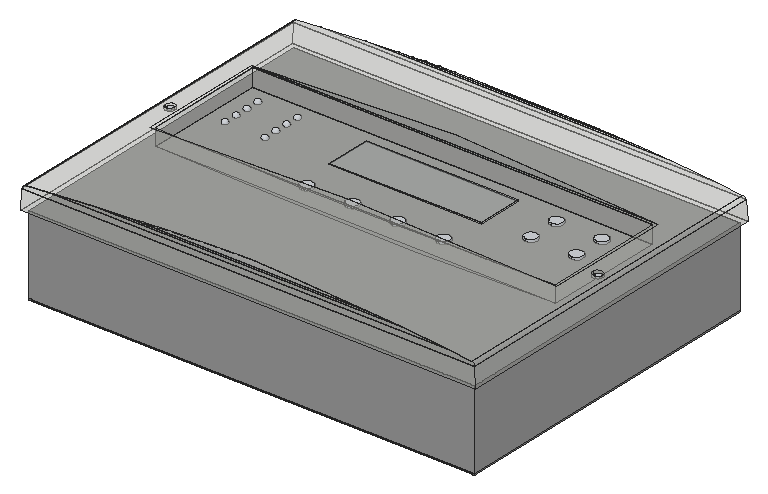
Revit family "MaviGard Gas Alarm Panel 4 channel", category Fire Alarm Devices, host Face, Revit 2022
Family settings
  Host = Face
  Round Connector Dimension = Use Diameter
  Part Type = Normal
  OmniClass Number = 23.85.30.21
  OmniClass Title = Environmental Detection/Registration
  Cut with Voids When Loaded = No
  Maintain Annotation Orientation = Yes
  Shared = No
  Room Calculation Point = No
Parameters (values of type "MaviGard Gas Alarm Panel 4 channel")
  Weight = "5,3 kg"
  Weatherproof surface mounting back box = ""
  Warranty Duration Unit = "Year"
  Warranty Duration Parts = "2"
  Warranty Duration Labor = "2"
  Version = ""
  URL = "https://www.mavili.com.tr/en"
  Recessed mounting base = ""
  Public Works Pose Number = ""
  Protection Sign = ""
  Product Code = "MG-400"
  Phone Number = "(+)90 216 466 45 05"
  Operatonal Voltage (default) = ""
  Operating voltage range = ""
  Operating temperature = "(-5°C) - (+50°C)"
  Nominal Depth = "100 mm"
  Nominal Width = "400 mm"
  Nominal Height = "300 mm"
  Mounting surface = "Wall mount"
  Mounting height = ""
  Model = "MaviGard"
  Manufacturer = "Mavili Elektronik Ticaret A.Ş."
  Installation Manual = "https://mavilielektronik.com/Revit/MG400_enkk.pdf"
  Indicator output = ""
  Fax Number = "(+)90 216 466 45 10"
  External supply = "220 V AC"
  Email = "mavili@mavili.com.tr"
  Disclaimer = ""
  Device Adress Setup = ""
  Description = "Gas alarm panel, 4 channel"
  Default Elevation = 0 mm
  Current consumption = ""
  Cost unıt = ""
  Cost = 0
  Compatible sockets = ""
  Color = "White"
  Code Performance = ""
  Main Material = "Metal Grey"
  Secondary Material = "White Plastic ABS"
  Battery = "2 X (12V DC 7 Ah )"
  Assembly Code = ""
  Address line 1 = "Şerifali Mahallesi Kutup Sokak No:27/1-2-4 Ümraniye TR-34775 İSTANBUL"
Reference planes
  plane 1 "Center (Front/Back)": y = 0
  plane 2: z = 0
  plane 3 "Center (Left/Right)": x = 0
Forms (mm)
  Extrusion 1, solid, material "mavili arka kasa"
    sketch origin (-210, -150, 148.173) x (1, 0, 0) y (0, 0, -1)
      loop
        line (42.905, 77.3) -> (434.905, 77.3) -> (434.905, 146.904)
        arc (434.905, 146.904) -> (434.545, 147.715) -> (433.785, 148.173) r 1.476
        line (433.785, 148.173) -> (44.505, 148.173)
        arc (44.505, 148.173) -> (43.374, 147.704) -> (42.905, 146.573) r 1.6
        line (42.905, 146.573) -> (42.905, 77.3)
    from 0 to 300
  Extrusion 2, solid, material "Mavili beyaz"
    sketch origin (-210, -150, 148.173) x (1, 0, 0) y (0, 0, -1)
      loop
        line (38.905, 77.3) -> (39.824, 59.769)
        arc (39.824, 59.769) -> (40.651, 57.854) -> (42.526, 56.941) r 3
        arc (42.526, 56.941) -> (238.905, 47.3) -> (435.284, 56.941) r 2005
        arc (435.284, 56.941) -> (437.16, 57.854) -> (437.987, 59.769) r 3
        line (437.987, 59.769) -> (438.905, 77.3) -> (38.905, 77.3)
    from 0 to 300
  Extrusion 3, void
    sketch origin (-167.095, -150, 70.872) x (0, 0, 1) y (0, -1, 0)
      loop
        arc (-69.27, -296) -> (-70.403, -295.532) -> (-70.872, -294.4) r 1.6
        line (-70.872, -294.4) -> (-70.872, -300) -> (0, -300) -> (0, -296) -> (-69.27, -296)
    from 0 to 392
  Extrusion 4, void
    sketch origin (-167.095, 150, 70.872) x (0, 0, 1) y (0, -1, 0)
      loop
        line (-69.27, 296) -> (0, 296) -> (0, 300) -> (-70.872, 300) -> (-70.872, 294.4)
        arc (-70.872, 294.4) -> (-70.403, 295.532) -> (-69.27, 296) r 1.6
    from 0 to 392
  Extrusion 5, void
    sketch origin (-210, -150, 148.173) x (0, 0, -1) y (0, 1, 0)
      loop
        line (55.289, 116.326) -> (55.289, 228.158) -> (47.3, 228.297) -> (47.3, 111.721) -> (55.289, 116.326)
    from 0 to 497.127
  Extrusion 6, void
    sketch origin (-210, -150, 148.173) x (0, 0, -1) y (0, 1, 0)
      loop
        arc (47.3, 295.581) -> (48.124, 297.646) -> (50.143, 298.577) r 3
        line (50.143, 298.577) -> (51.913, 298.669) -> (55.057, 298.834) -> (59.769, 299.081) -> (77.3, 300) -> (50, 300) -> (47.3, 300) -> (47.3, 295.581)
    from 0 to 493.151
  Extrusion 7, void
    sketch origin (-210, 150, 148.173) x (0, 0, -1) y (0, 1, 0)
      loop
        line (47.3, -295.581) -> (47.3, -300) -> (50, -300) -> (77.3, -300) -> (59.769, -299.081) -> (55.057, -298.834) -> (51.913, -298.669) -> (50.143, -298.577)
        arc (50.143, -298.577) -> (48.124, -297.646) -> (47.3, -295.581) r 3
    from 0 to 493.151
  Extrusion 8, void
    sketch origin (-167.095, 146, 25.472) x (0, 0, -1) y (1, 0, 0)
      loop
        line (-13.523, 66.9) -> (-13.523, 68.054)
        arc (-13.523, 68.054) -> (-15, 68.144) -> (-16.477, 68.054) r 12.144
        line (-16.477, 68.054) -> (-16.477, 66.9)
        arc (-16.477, 66.9) -> (-26, 56.025) -> (-16.527, 45.106) r 11
        line (-16.527, 45.106) -> (-16.527, 43.952)
        arc (-16.527, 43.952) -> (-15, 43.856) -> (-13.473, 43.952) r 12.144
        line (-13.473, 43.952) -> (-13.473, 45.106)
        arc (-13.473, 45.106) -> (-4, 56.025) -> (-13.523, 66.9) r 11
    from 0 to 1
  Extrusion 9, void
    sketch origin (-127.095, 146, 25.472) x (0, 0, -1) y (1, 0, 0)
      loop
        line (-13.523, 66.9) -> (-13.523, 68.054)
        arc (-13.523, 68.054) -> (-15, 68.144) -> (-16.477, 68.054) r 12.144
        line (-16.477, 68.054) -> (-16.477, 66.9)
        arc (-16.477, 66.9) -> (-26, 56.025) -> (-16.527, 45.106) r 11
        line (-16.527, 45.106) -> (-16.527, 43.952)
        arc (-16.527, 43.952) -> (-15, 43.856) -> (-13.473, 43.952) r 12.144
        line (-13.473, 43.952) -> (-13.473, 45.106)
        arc (-13.473, 45.106) -> (-4, 56.025) -> (-13.523, 66.9) r 11
    from 0 to 1
  Extrusion 10, void
    sketch origin (-87.095, 146, 25.472) x (0, 0, -1) y (1, 0, 0)
      loop
        line (-13.523, 66.9) -> (-13.523, 68.054)
        arc (-13.523, 68.054) -> (-15, 68.144) -> (-16.477, 68.054) r 12.144
        line (-16.477, 68.054) -> (-16.477, 66.9)
        arc (-16.477, 66.9) -> (-26, 56.025) -> (-16.527, 45.106) r 11
        line (-16.527, 45.106) -> (-16.527, 43.952)
        arc (-16.527, 43.952) -> (-15, 43.856) -> (-13.473, 43.952) r 12.144
        line (-13.473, 43.952) -> (-13.473, 45.106)
        arc (-13.473, 45.106) -> (-4, 56.025) -> (-13.523, 66.9) r 11
    from 0 to 1
  Extrusion 11, void
    sketch origin (-47.095, 146, 25.472) x (0, 0, -1) y (1, 0, 0)
      loop
        line (-13.523, 66.9) -> (-13.523, 68.054)
        arc (-13.523, 68.054) -> (-15, 68.144) -> (-16.477, 68.054) r 12.144
        line (-16.477, 68.054) -> (-16.477, 66.9)
        arc (-16.477, 66.9) -> (-26, 56.025) -> (-16.527, 45.106) r 11
        line (-16.527, 45.106) -> (-16.527, 43.952)
        arc (-16.527, 43.952) -> (-15, 43.856) -> (-13.473, 43.952) r 12.144
        line (-13.473, 43.952) -> (-13.473, 45.106)
        arc (-13.473, 45.106) -> (-4, 56.025) -> (-13.523, 66.9) r 11
    from 0 to 1
  Extrusion 12, void
    sketch origin (-7.095, 146, 25.472) x (0, 0, -1) y (1, 0, 0)
      loop
        line (-13.523, 66.9) -> (-13.523, 68.054)
        arc (-13.523, 68.054) -> (-15, 68.144) -> (-16.477, 68.054) r 12.144
        line (-16.477, 68.054) -> (-16.477, 66.9)
        arc (-16.477, 66.9) -> (-26, 56.025) -> (-16.527, 45.106) r 11
        line (-16.527, 45.106) -> (-16.527, 43.952)
        arc (-16.527, 43.952) -> (-15, 43.856) -> (-13.473, 43.952) r 12.144
        line (-13.473, 43.952) -> (-13.473, 45.106)
        arc (-13.473, 45.106) -> (-4, 56.025) -> (-13.523, 66.9) r 11
    from 0 to 1
  Extrusion 13, void
    sketch origin (32.905, 146, 25.472) x (0, 0, -1) y (1, 0, 0)
      loop
        line (-13.523, 66.9) -> (-13.523, 68.054)
        arc (-13.523, 68.054) -> (-15, 68.144) -> (-16.477, 68.054) r 12.144
        line (-16.477, 68.054) -> (-16.477, 66.9)
        arc (-16.477, 66.9) -> (-26, 56.025) -> (-16.527, 45.106) r 11
        line (-16.527, 45.106) -> (-16.527, 43.952)
        arc (-16.527, 43.952) -> (-15, 43.856) -> (-13.473, 43.952) r 12.144
        line (-13.473, 43.952) -> (-13.473, 45.106)
        arc (-13.473, 45.106) -> (-4, 56.025) -> (-13.523, 66.9) r 11
    from 0 to 1
  Extrusion 14, void
    sketch origin (72.905, 146, 25.472) x (0, 0, -1) y (1, 0, 0)
      loop
        line (-13.523, 66.9) -> (-13.523, 68.054)
        arc (-13.523, 68.054) -> (-15, 68.144) -> (-16.477, 68.054) r 12.144
        line (-16.477, 68.054) -> (-16.477, 66.9)
        arc (-16.477, 66.9) -> (-26, 56.025) -> (-16.527, 45.106) r 11
        line (-16.527, 45.106) -> (-16.527, 43.952)
        arc (-16.527, 43.952) -> (-15, 43.856) -> (-13.473, 43.952) r 12.144
        line (-13.473, 43.952) -> (-13.473, 45.106)
        arc (-13.473, 45.106) -> (-4, 56.025) -> (-13.523, 66.9) r 11
    from 0 to 1
  Extrusion 15, void
    sketch origin (112.905, 146, 25.472) x (0, 0, -1) y (1, 0, 0)
      loop
        line (-13.523, 66.9) -> (-13.523, 68.054)
        arc (-13.523, 68.054) -> (-15, 68.144) -> (-16.477, 68.054) r 12.144
        line (-16.477, 68.054) -> (-16.477, 66.9)
        arc (-16.477, 66.9) -> (-26, 56.025) -> (-16.527, 45.106) r 11
        line (-16.527, 45.106) -> (-16.527, 43.952)
        arc (-16.527, 43.952) -> (-15, 43.856) -> (-13.473, 43.952) r 12.144
        line (-13.473, 43.952) -> (-13.473, 45.106)
        arc (-13.473, 45.106) -> (-4, 56.025) -> (-13.523, 66.9) r 11
    from 0 to 1
  Extrusion 16, void
    sketch origin (-210, -33.417, 92.884) x (-1, 0, 0) y (0, 1, 0)
      loop
        line (-62.836, 2.214) -> (-62.836, 108.579)
        spline (-62.836, 108.579) -> (-92.123, 108.62) -> (-121.442, 108.654) -> (-150.785, 108.681) -> (-180.148, 108.699) -> (-209.524, 108.711) -> (-238.905, 108.714) -> (-268.287, 108.711) -> (-297.662, 108.699) -> (-327.025, 108.681) -> (-356.369, 108.654) -> (-385.687, 108.62) -> (-414.974, 108.579)
        line (-414.974, 108.579) -> (-414.974, 2.214)
        spline (-414.974, 2.214) -> (-385.687, 0.847) -> (-356.369, -0.273) -> (-327.025, -1.144) -> (-297.662, -1.766) -> (-268.287, -2.14) -> (-238.905, -2.264) -> (-209.524, -2.14) -> (-180.148, -1.766) -> (-150.785, -1.144) -> (-121.442, -0.273) -> (-92.123, 0.847) -> (-62.836, 2.214)
    from 0 to 15
  Extrusion 17, void
    sketch origin (-210, -33.417, 92.884) x (-1, 0, 0) y (0, 1, 0)
      loop
        circle (-50.905, 33.417) r 4.25
    from 0 to 3
  Extrusion 18, solid
    sketch origin (-210, -33.442, 89.884) x (0, 1, 0) y (-1, 0, 0)
      loop
        line (35.753, -50.862) -> (34.597, -48.861) -> (32.286, -48.861) -> (31.13, -50.862) -> (32.286, -52.864) -> (34.597, -52.864) -> (35.753, -50.862)
    from 0 to 1
  Extrusion 19, void
    sketch origin (267.811, -33.417, 92.884) x (-1, 0, 0) y (0, 1, 0)
      loop
        circle (50.905, 33.417) r 4.25
    from 0 to 3
  Extrusion 20, solid
    sketch origin (267.811, -33.442, 89.884) x (0, 1, 0) y (-1, 0, 0)
      loop
        line (35.753, 50.862) -> (34.597, 52.864) -> (32.286, 52.864) -> (31.13, 50.862) -> (32.286, 48.861) -> (34.597, 48.861) -> (35.753, 50.862)
    from 0 to 1
  Revolve 21, solid
    sketch origin (-210, -33.417, 77.884) x (-1, 0, 0) y (0, -1, 0)
      loop
        line (-78.905, -96.917) -> (-78.905, -91.917)
        arc (-78.905, -91.917) -> (-81.405, -94.417) -> (-78.905, -96.917) r 2.5
      axis (-78.905, -96.917) -> (-78.905, -91.917)
    angle from 0 to -180
  Revolve 22, solid
    sketch origin (-175, -33.417, 77.884) x (-1, 0, 0) y (0, -1, 0)
      loop
        line (-78.905, -96.917) -> (-78.905, -91.917)
        arc (-78.905, -91.917) -> (-81.405, -94.417) -> (-78.905, -96.917) r 2.5
      axis (-78.905, -96.917) -> (-78.905, -91.917)
    angle from 0 to -180
  Revolve 23, solid
    sketch origin (-210, -45.417, 77.884) x (-1, 0, 0) y (0, -1, 0)
      loop
        line (-78.905, -96.917) -> (-78.905, -91.917)
        arc (-78.905, -91.917) -> (-81.405, -94.417) -> (-78.905, -96.917) r 2.5
      axis (-78.905, -96.917) -> (-78.905, -91.917)
    angle from 0 to -180
  Revolve 24, solid
    sketch origin (-175, -45.417, 77.884) x (-1, 0, 0) y (0, -1, 0)
      loop
        line (-78.905, -96.917) -> (-78.905, -91.917)
        arc (-78.905, -91.917) -> (-81.405, -94.417) -> (-78.905, -96.917) r 2.5
      axis (-78.905, -96.917) -> (-78.905, -91.917)
    angle from 0 to -180
  Revolve 25, solid
    sketch origin (-175, -57.417, 77.884) x (-1, 0, 0) y (0, -1, 0)
      loop
        line (-78.905, -96.917) -> (-78.905, -91.917)
        arc (-78.905, -91.917) -> (-81.405, -94.417) -> (-78.905, -96.917) r 2.5
      axis (-78.905, -96.917) -> (-78.905, -91.917)
    angle from 0 to -180
  Revolve 26, solid
    sketch origin (-210, -57.417, 77.884) x (-1, 0, 0) y (0, -1, 0)
      loop
        line (-78.905, -96.917) -> (-78.905, -91.917)
        arc (-78.905, -91.917) -> (-81.405, -94.417) -> (-78.905, -96.917) r 2.5
      axis (-78.905, -96.917) -> (-78.905, -91.917)
    angle from 0 to -180
  Revolve 27, solid
    sketch origin (-210, -69.417, 77.884) x (-1, 0, 0) y (0, -1, 0)
      loop
        line (-78.905, -96.917) -> (-78.905, -91.917)
        arc (-78.905, -91.917) -> (-81.405, -94.417) -> (-78.905, -96.917) r 2.5
      axis (-78.905, -96.917) -> (-78.905, -91.917)
    angle from 0 to -180
  Revolve 28, solid
    sketch origin (-175, -69.417, 77.884) x (-1, 0, 0) y (0, -1, 0)
      loop
        line (-78.905, -96.917) -> (-78.905, -91.917)
        arc (-78.905, -91.917) -> (-81.405, -94.417) -> (-78.905, -96.917) r 2.5
      axis (-78.905, -96.917) -> (-78.905, -91.917)
    angle from 0 to -180
  Extrusion 29, solid
    sketch origin (-210, -33.417, 77.884) x (-1, 0, 0) y (0, -1, 0)
      loop
        circle (-178.905, -23.417) r 5.5
    from 0 to 1.419
  Extrusion 30, solid
    sketch origin (-170, -33.417, 77.884) x (-1, 0, 0) y (0, -1, 0)
      loop
        circle (-178.905, -23.417) r 5.5
    from 0 to 1.419
  Extrusion 31, solid
    sketch origin (-130, -33.417, 77.884) x (-1, 0, 0) y (0, -1, 0)
      loop
        circle (-178.905, -23.417) r 5.5
    from 0 to 1.419
  Extrusion 32, solid
    sketch origin (-90, -33.417, 77.884) x (-1, 0, 0) y (0, -1, 0)
      loop
        circle (-178.905, -23.417) r 5.5
    from 0 to 1.419
  Extrusion 33, solid
    sketch origin (-210, -33.417, 77.884) x (-1, 0, 0) y (0, -1, 0)
      loop
        circle (-343.905, -91.417) r 5.5
    from 0 to 1.4
  Extrusion 34, solid
    sketch origin (-170, -33.417, 77.884) x (-1, 0, 0) y (0, -1, 0)
      loop
        circle (-343.905, -91.417) r 5.5
    from 0 to 1.4
  Extrusion 35, solid
    sketch origin (-209.988, -61.417, 77.884) x (-1, 0, 0) y (0, -1, 0)
      loop
        circle (-343.905, -91.417) r 5.5
    from 0 to 1.4
  Extrusion 36, solid
    sketch origin (-170.012, -61.417, 77.884) x (-1, 0, 0) y (0, -1, 0)
      loop
        circle (-343.905, -91.417) r 5.5
    from 0 to 1.4
  Extrusion 37, solid, material "Air Surfaces(1)"
    sketch origin (-210, -33.417, 77.884) x (-1, 0, 0) y (0, -1, 0)
      loop
        line (-171.905, -97.417) -> (-171.905, -56.417) -> (-305.905, -56.417) -> (-305.905, -97.417) -> (-171.905, -97.417)
    from 0 to 1.4
Cuts and joins
  Extrusion 3, Extrusion 4, Extrusion 8, Extrusion 9, Extrusion 10, Extrusion 11, Extrusion 12, Extrusion 13, Extrusion 14, Extrusion 15 cuts Extrusion 1
  Extrusion 3, Extrusion 4, Extrusion 5, Extrusion 6, Extrusion 7, Extrusion 16, Extrusion 17, Extrusion 19 cuts Extrusion 2
  Extrusion 19 cuts Extrusion 18
Dimensions and locks
  aligned and locked: plane 2 to host face
  aligned and locked: level to host face
Connectors
  electrical at (29.145, 0, 0)
    settings: on cut or joined group of Extrusion 1, Extrusion 3, Extrusion 4, Extrusion 8, Extrusion 9, Extrusion 10, Extrusion 11, Extrusion 12, Extrusion 13, Extrusion 14, Extrusion 15, index 1, voltage 0 V, apparent load 0 VA, apparent load phase1 0 VA, apparent load phase2 0 VA, apparent load phase3 0 VA, power factor 1, load classification "Other", number of poles 1, system type 31, power factor state 1, is connector primary yes, connector utility no, sub classification motor no, connector description ""
